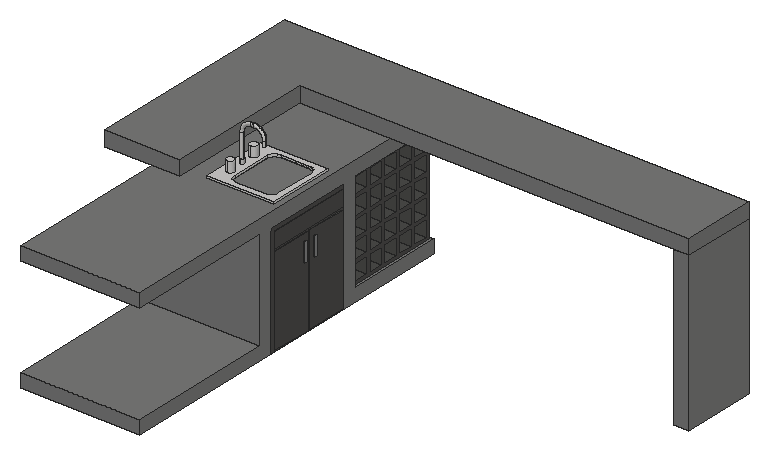
Revit family
Reference planes
  plane 1 "Center (Front/Back)": y = 0
  plane 2: z = 0
  plane 3 "Center (Left/Right)": x = 0
Forms (mm)
  Extrusion 1, solid, material "- concreto estampado pulido"
    sketch origin (726.812, 1880.078, 0) x (1, 0, 0) y (0, 1, 0)
      loop
        line (-2212.321, -11295.329) -> (-2212.321, -8835.329) -> (-3012.321, -8835.329) -> (-3012.321, -11295.329) -> (-2212.321, -11295.329)
    from 150 to 1000
  Extrusion 2, solid, material "- concreto estampado pulido"
    sketch origin (726.812, 1880.078, 0) x (1, 0, 0) y (0, 1, 0)
      loop
        line (-2362.321, -11035.329) -> (-2362.321, -8985.329) -> (-2862.321, -8985.329) -> (-2862.321, -11035.329) -> (-2362.321, -11035.329)
    from 150 to 50
  Extrusion 3, void
    sketch origin (-2285.509, -9455.251, -100) x (0, -1, 0) y (0, 0, -1)
      loop
        line (-1040, -1010) -> (-40, -1010) -> (-40, -340) -> (-1040, -340) -> (-1040, -1010)
    from -100 to 1025.777
  Extrusion 4, void
    sketch origin (-2325.509, -6955.251, -100) x (-1, 0, 0) y (0, 0, -1)
      loop
        line (-840, -1010) -> (-490, -1010) -> (-490, -340) -> (-840, -340) -> (-840, -1010)
    from 0 to 662.5
  Extrusion 5, solid, material "- madera negra"
    sketch origin (-1485.509, -18510.005, -8705.329) x (0, -1, 0) y (0, 0, -1)
      loop
        line (-11287.253, -9595.329) -> (-11287.253, -9485.329) -> (-11392.253, -9485.329) -> (-11392.253, -9595.329) -> (-11287.253, -9595.329)
      loop
        line (-11392.253, -9465.329) -> (-11287.253, -9465.329) -> (-11287.253, -9355.329) -> (-11392.253, -9355.329) -> (-11392.253, -9465.329)
      loop
        line (-11287.253, -9225.329) -> (-11392.253, -9225.329) -> (-11392.253, -9335.329) -> (-11287.253, -9335.329) -> (-11287.253, -9225.329)
      loop
        line (-11517.253, -9335.329) -> (-11412.253, -9335.329) -> (-11412.253, -9225.329) -> (-11517.253, -9225.329) -> (-11517.253, -9335.329)
      loop
        line (-11412.253, -9355.329) -> (-11517.253, -9355.329) -> (-11517.253, -9465.329) -> (-11412.253, -9465.329) -> (-11412.253, -9355.329)
      loop
        line (-11392.253, -9205.329) -> (-11287.253, -9205.329) -> (-11287.253, -9095.329) -> (-11392.253, -9095.329) -> (-11392.253, -9205.329)
      loop
        line (-11412.253, -9205.329) -> (-11412.253, -9095.329) -> (-11517.253, -9095.329) -> (-11517.253, -9205.329) -> (-11412.253, -9205.329)
      loop
        line (-11412.253, -9485.329) -> (-11517.253, -9485.329) -> (-11517.253, -9595.329) -> (-11412.253, -9595.329) -> (-11412.253, -9485.329)
      loop
        line (-11537.253, -9615.329) -> (-10892.253, -9615.329) -> (-10892.253, -8945.329) -> (-11537.253, -8945.329) -> (-11537.253, -9615.329)
      loop
        line (-11287.253, -8965.329) -> (-11392.253, -8965.329) -> (-11392.253, -9075.329) -> (-11287.253, -9075.329) -> (-11287.253, -8965.329)
      loop
        line (-11517.253, -9075.329) -> (-11412.253, -9075.329) -> (-11412.253, -8965.329) -> (-11517.253, -8965.329) -> (-11517.253, -9075.329)
      loop
        line (-11037.253, -9595.329) -> (-11037.253, -9485.329) -> (-11142.253, -9485.329) -> (-11142.253, -9595.329) -> (-11037.253, -9595.329)
      loop
        line (-11142.253, -9465.329) -> (-11037.253, -9465.329) -> (-11037.253, -9355.329) -> (-11142.253, -9355.329) -> (-11142.253, -9465.329)
      loop
        line (-11037.253, -9225.329) -> (-11142.253, -9225.329) -> (-11142.253, -9335.329) -> (-11037.253, -9335.329) -> (-11037.253, -9225.329)
      loop
        line (-11267.253, -9335.329) -> (-11162.253, -9335.329) -> (-11162.253, -9225.329) -> (-11267.253, -9225.329) -> (-11267.253, -9335.329)
      loop
        line (-11162.253, -9355.329) -> (-11267.253, -9355.329) -> (-11267.253, -9465.329) -> (-11162.253, -9465.329) -> (-11162.253, -9355.329)
      loop
        line (-11142.253, -9205.329) -> (-11037.253, -9205.329) -> (-11037.253, -9095.329) -> (-11142.253, -9095.329) -> (-11142.253, -9205.329)
      loop
        line (-11162.253, -9205.329) -> (-11162.253, -9095.329) -> (-11267.253, -9095.329) -> (-11267.253, -9205.329) -> (-11162.253, -9205.329)
      loop
        line (-11162.253, -9485.329) -> (-11267.253, -9485.329) -> (-11267.253, -9595.329) -> (-11162.253, -9595.329) -> (-11162.253, -9485.329)
      loop
        line (-11037.253, -8965.329) -> (-11142.253, -8965.329) -> (-11142.253, -9075.329) -> (-11037.253, -9075.329) -> (-11037.253, -8965.329)
      loop
        line (-11267.253, -9075.329) -> (-11162.253, -9075.329) -> (-11162.253, -8965.329) -> (-11267.253, -8965.329) -> (-11267.253, -9075.329)
      loop
        line (-10912.253, -9595.329) -> (-10912.253, -9485.329) -> (-11017.253, -9485.329) -> (-11017.253, -9595.329) -> (-10912.253, -9595.329)
      loop
        line (-11017.253, -9465.329) -> (-10912.253, -9465.329) -> (-10912.253, -9355.329) -> (-11017.253, -9355.329) -> (-11017.253, -9465.329)
      loop
        line (-10912.253, -9225.329) -> (-11017.253, -9225.329) -> (-11017.253, -9335.329) -> (-10912.253, -9335.329) -> (-10912.253, -9225.329)
      loop
        line (-11017.253, -9205.329) -> (-10912.253, -9205.329) -> (-10912.253, -9095.329) -> (-11017.253, -9095.329) -> (-11017.253, -9205.329)
      loop
        line (-10912.253, -8965.329) -> (-11017.253, -8965.329) -> (-11017.253, -9075.329) -> (-10912.253, -9075.329) -> (-10912.253, -8965.329)
    from -20 to -350
  Extrusion 6, solid, material "- acero inoxidable"
    sketch origin (726.812, 1880.078, 1000) x (1, 0, 0) y (0, 1, 0)
      loop
        line (-2387.321, -9030.329) -> (-2387.321, -9180.329) -> (-2362.321, -9180.329) -> (-2362.321, -9030.329) -> (-2387.321, -9030.329)
    from -950 to 100
  Extrusion 7, solid, material "- concreto estampado pulido"
    sketch origin (726.812, 1880.078, 1100) x (1, 0, 0) y (0, 1, 0)
      loop
        line (-3012.321, -8835.329) -> (-3212.321, -8835.329) -> (-3212.321, -10335.329) -> (-2712.321, -10335.329) -> (-2712.321, -9335.329) -> (-112.321, -9335.329) -> (-112.321, -8835.329) -> (-3012.321, -8835.329)
    from 100 to 0
  Extrusion 8, solid, material "- concreto estampado pulido"
    sketch origin (726.812, 1880.078, 1100) x (1, 0, 0) y (0, 1, 0)
      loop
        line (-112.321, -8835.329) -> (-212.321, -8835.329) -> (-212.321, -9335.329) -> (-112.321, -9335.329) -> (-112.321, -8835.329)
    from 0 to -1050
  Extrusion 9, void
    sketch origin (726.812, 2675.078, 1000) x (0, 1, 0) y (1, 0, 0)
      loop
        line (-10467.929, -2254.909) -> (-10917.929, -2254.909) -> (-10917.929, -2704.209) -> (-10467.929, -2704.209) -> (-10467.929, -2254.909)
    from 0 to 265.9
  Extrusion 10, solid, material "- acero inoxidable"
    sketch origin (251.812, 1880.078, 1000) x (1, 0, 0) y (0, 1, 0)
      loop
        line (-2387.321, -9030.329) -> (-2387.321, -9180.329) -> (-2362.321, -9180.329) -> (-2362.321, -9030.329) -> (-2387.321, -9030.329)
    from -950 to 100
Cuts and joins
  Extrusion 3, Extrusion 4 cuts Extrusion 1
Dimensions and locks
  aligned and locked: level to plane 2
Nested families
  nested 1: "Sink - Kitchen (11)" at (-1750.051, -8033.541, 100) x (0, 1, 0) z (0, 0, 1), type "450 x 450mm"
  nested 2: "Base (10)" at (-2035.509, -8037.927, 50) x (0, 1, 0) z (0, 0, 1), type "900mm"
    with Plinth Depth 150 mm, Plinth Height 100 mm
Definition of nested family "Sink - Kitchen (11)"
  Parameters (values of type "450 x 450mm")
    Counter Height = 900 mm
    Depth = 450 mm
    Fixture Material = Metal - Stainless Steel, Polished
    Sink Material = Metal - Stainless Steel, Polished
    Width = 450 mm
  Reference planes
    plane 1 "Center (Front/Back)": y = 2.345
    plane 2: z = 0
    plane 3 "Center (Left/Right)": x = 15.689
    plane 4: y = 227.345
    plane 5: y = -222.655
    plane 6: x = -209.311
    plane 7: x = 240.689
    plane 8 "Top Of Counter": z = 900
    plane 9: z = 912.7
    plane 10: z = 684.1
    plane 11: y = 113.045
    plane 12: x = -171.211
    plane 13: y = -184.555
    plane 14: x = 202.589
    plane 15: x = -85.911
    plane 16: x = 117.289
    plane 17: y = 170.195
    plane 18: y = 170.195
    plane 19: y = 170.195
    plane 20: z = 1163.525
    plane 21: y = 20.97
    plane 22: z = 976.2
    plane 23: z = 938.1
  Forms (mm)
    Extrusion 1, solid, material "Metal - Stainless Steel, Polished" <- "Sink Material"
      sketch origin (0, 0, 0) x (1, 0, 0) y (0, 1, 0)
        loop
          line (-209.311, 227.345) -> (-209.311, -222.655) -> (240.689, -222.655) -> (240.689, 227.345) -> (-209.311, 227.345)
        loop
          arc (-120.411, 113.045) -> (-156.332, 98.166) -> (-171.211, 62.245) r 50.8
          line (-171.211, 62.245) -> (-171.211, -133.755)
          arc (-171.211, -133.755) -> (-156.332, -169.676) -> (-120.411, -184.555) r 50.8
          line (-120.411, -184.555) -> (151.789, -184.555)
          arc (151.789, -184.555) -> (187.71, -169.676) -> (202.589, -133.755) r 50.8
          line (202.589, -133.755) -> (202.589, 62.245)
          arc (202.589, 62.245) -> (187.71, 98.166) -> (151.789, 113.045) r 50.8
          line (151.789, 113.045) -> (-120.411, 113.045)
      from 900 to 912.7
    Sweep 2, solid, material "Metal - Stainless Steel, Polished" <- "Sink Material"
      path origin (0, 0, 0) x (1, 0, 0) y (0, 1, 0)
        loop
          arc (-120.411, 113.045) -> (-156.332, 98.166) -> (-171.211, 62.245) r 50.8
          line (-171.211, 62.245) -> (-171.211, -133.755)
          arc (-171.211, -133.755) -> (-156.332, -169.676) -> (-120.411, -184.555) r 50.8
          line (-120.411, -184.555) -> (151.789, -184.555)
          arc (151.789, -184.555) -> (187.71, -169.676) -> (202.589, -133.755) r 50.8
          line (202.589, -133.755) -> (202.589, 62.245)
          arc (202.589, 62.245) -> (187.71, 98.166) -> (151.789, 113.045) r 50.8
          line (151.789, 113.045) -> (-120.411, 113.045)
      profile origin (15.689, 0, 0) x (0, 1, 0) y (0, 0, 1)
        loop
          line (113.045, 900) -> (96.511, 711.015)
          arc (96.511, 711.015) -> (90.404, 698.63) -> (77.534, 693.625) r 19.05
          line (77.534, 693.625) -> (74.945, 693.625) -> (74.945, 684.1) -> (119.395, 684.1) -> (119.395, 900) -> (113.045, 900)
    Extrusion 3, solid, material "Metal - Stainless Steel, Polished" <- "Sink Material"
      sketch origin (0, 0, 0) x (1, 0, 0) y (0, 1, 0)
        loop
          arc (-120.411, 74.945) -> (-129.391, 71.226) -> (-133.111, 62.245) r 12.7
          line (-133.111, 62.245) -> (-133.111, -133.755)
          arc (-133.111, -133.755) -> (-129.391, -142.735) -> (-120.411, -146.455) r 12.7
          line (-120.411, -146.455) -> (151.789, -146.455)
          arc (151.789, -146.455) -> (160.769, -142.735) -> (164.489, -133.755) r 12.7
          line (164.489, -133.755) -> (164.489, 62.245)
          arc (164.489, 62.245) -> (160.769, 71.226) -> (151.789, 74.945) r 12.7
          line (151.789, 74.945) -> (-120.411, 74.945)
        loop
          circle (15.689, 0) r 25.4
      from 684.1 to 693.625
    Extrusion 4, solid, material "Metal - Stainless Steel, Polished" <- "Fixture Material"
      sketch origin (0, 0, 0) x (1, 0, 0) y (0, 1, 0)
        loop
          circle (-85.911, 167.117) r 25.4
        loop
          circle (117.289, 172.313) r 25.4
      from 912.7 to 976.2
    Sweep 5, solid, material "Metal - Stainless Steel, Polished" <- "Fixture Material"
      path origin (15.689, 0, 0) x (0, 1, 0) y (0, 0, 1)
        loop
          line (170.195, 912.7) -> (170.195, 1100.025)
          arc (170.195, 1100.025) -> (151.597, 1144.926) -> (106.695, 1163.525) r 63.5
          line (106.695, 1163.525) -> (84.47, 1163.525)
          arc (84.47, 1163.525) -> (39.569, 1144.926) -> (20.97, 1100.025) r 63.5
          line (20.97, 1100.025) -> (20.97, 1065.1)
      profile origin (15.689, 0, 1006.363) x (0, -1, 0) y (1, 0, 0)
        loop
          circle (-170.195, 0) r 9.525
    Extrusion 6, solid, material "Metal - Stainless Steel, Polished" <- "Fixture Material"
      sketch origin (0, 0, 0) x (1, 0, 0) y (0, 1, 0)
        loop
          circle (15.689, 170.195) r 12.7
      from 912.7 to 938.1
  Cuts and joins
    joined: Sweep 5, Extrusion 6
    joined: Sweep 2, Extrusion 3
  Lines and regions (mm)
    Masking region 1
      outline origin (0, 0, 900) x (0, -1, 0) y (1, 0, 0)
        loop
          line (-227.345, -209.311) -> (222.655, -209.311) -> (222.655, 240.689) -> (-227.345, 240.689) -> (-227.345, -209.311)
    symbolic lines
      curve 1: line (240.689, 227.345, 0) -> (-209.311, 227.345, 0)
      curve 2: line (240.689, -222.655, 0) -> (240.689, 227.345, 0)
      curve 3: line (-209.311, -222.655, 0) -> (240.689, -222.655, 0)
      curve 4: line (-209.311, 227.345, 0) -> (-209.311, -222.655, 0)
      curve 5: arc (41.089, 0, 0) -> (15.689, 25.4, 0) -> (-9.711, 0, 0) r 25.4
      curve 6: arc (-9.711, 0, 0) -> (15.689, -25.4, 0) -> (41.089, 0, 0) r 25.4
      curve 7: line (-171.211, 62.245, 0) -> (-171.211, -133.755, 0)
      curve 8: line (-120.411, -184.555, 0) -> (151.789, -184.555, 0)
      curve 9: line (202.589, -133.755, 0) -> (202.589, 62.245, 0)
      curve 10: line (151.789, 113.045, 0) -> (28.389, 113.045, 0)
      curve 11: arc (202.589, 62.245, 0) -> (187.71, 98.166, 0) -> (151.789, 113.045, 0) r 50.8
      curve 12: arc (151.789, -184.555, 0) -> (187.71, -169.676, 0) -> (202.589, -133.755, 0) r 50.8
      curve 13: arc (-171.211, -133.755, 0) -> (-156.332, -169.676, 0) -> (-120.411, -184.555, 0) r 50.8
      curve 14: arc (-120.411, 113.045, 0) -> (-156.332, 98.166, 0) -> (-171.211, 62.245, 0) r 50.8
      curve 15: arc (-60.511, 167.117, 0) -> (-85.911, 192.517, 0) -> (-111.311, 167.117, 0) r 25.4
      curve 16: arc (142.689, 172.313, 0) -> (117.289, 197.713, 0) -> (91.889, 172.313, 0) r 25.4
      curve 17: arc (-111.311, 167.117, 0) -> (-85.911, 141.717, 0) -> (-60.511, 167.117, 0) r 25.4
      curve 18: arc (91.889, 172.313, 0) -> (117.289, 146.913, 0) -> (142.689, 172.313, 0) r 25.4
      curve 19: arc (28.389, 170.195, 0) -> (15.689, 182.895, 0) -> (2.989, 170.195, 0) r 12.7
      curve 20: line (2.989, 170.195, 0) -> (2.989, 53.145, 0)
      curve 21: line (28.389, 170.195, 0) -> (28.389, 53.145, 0)
      curve 22: arc (28.389, 53.145, 0) -> (15.689, 40.445, 0) -> (2.989, 53.145, 0) r 12.7
      curve 23: line (2.989, 113.045, 0) -> (-120.411, 113.045, 0)
  Dimensions and locks
    equal spacing: plane 6, plane 3 "Center (Left/Right)", plane 7
    "Width": plane 6 to plane 7
    equal spacing: plane 5, plane 1 "Center (Front/Back)", plane 4
    "Depth": plane 5 to plane 4
    "Counter Height": plane 8 "Top Of Counter" to plane 2
    locked: plane 9 to plane 8 "Top Of Counter" at 12.7
    locked: plane 8 "Top Of Counter" to plane 10 at 215.9
    locked: plane 6 to plane 12 at 38.1
    locked: plane 14 to plane 7 at 38.1
    locked: plane 11 to plane 4 at 114.3
    locked: plane 5 to plane 13 at 38.1
    equal spacing: plane 11, plane 17, plane 4
    equal spacing: plane 11, plane 18, plane 4
    equal spacing: plane 4, plane 19, plane 11
    locked: plane 19 to plane 21 at 149.225
    locked: plane 20 to plane 9 at 250.825
    locked: plane 22 to plane 9 at 63.5
    locked: plane 23 to plane 9 at 25.4
    aligned and locked: Extrusion 1 sketch curve to plane 5
    aligned and locked: plane 7 to Extrusion 1 sketch curve
    aligned and locked: plane 4 to Extrusion 1 sketch curve
    aligned and locked: Extrusion 1 sketch curve to plane 6
    aligned and locked: plane 8 "Top Of Counter" to Extrusion 1
    aligned and locked: Extrusion 1 to plane 9
    aligned and locked: plane 11 to Extrusion 1 sketch curve
    aligned and locked: plane 14 to Extrusion 1 sketch curve
    aligned and locked: Extrusion 1 sketch curve to plane 12
    aligned and locked: Extrusion 1 sketch curve to plane 13
    aligned and locked: plane 11 to Sweep 2 sketch curve
    aligned and locked: plane 14 to Sweep 2 sketch curve
    aligned and locked: Sweep 2 sketch curve to plane 12
    aligned and locked: Sweep 2 sketch curve to plane 13
    aligned and locked: Sweep 2 to Extrusion 3 sketch curve  (x4)
    aligned and locked: Sweep 2 to Extrusion 3
    aligned and locked: plane 10 to Extrusion 3
    aligned and locked: Sweep 2 sketch curve to plane 10
    aligned and locked: plane 8 "Top Of Counter" to Sweep 2 sketch curve
    aligned and locked: Extrusion 4 to Extrusion 1
    aligned and locked: Extrusion 6 to Extrusion 1
    aligned and locked: Sweep 5 sketch curve to plane 19
    aligned and locked: plane 20 to Sweep 5 sketch curve
    aligned and locked: plane 21 to Sweep 5 sketch curve
    aligned and locked: Extrusion 4 to plane 22
    aligned and locked: Extrusion 6 to plane 23
  Automatic sketch dimensions
    Sweep 2 sketch curve to plane 12 = 50.8 mm
    Sweep 2 sketch curve to Sweep 2 sketch curve = 50.8 mm
    plane 11 to Sweep 2 sketch curve = 50.8 mm
    plane 14 to Sweep 2 sketch curve = 50.8 mm
    Extrusion 1 sketch curve to plane 12 = 50.8 mm  (x2)
    plane 14 to Extrusion 1 sketch curve = 50.8 mm  (x2)
    Extrusion 3 sketch curve to plane 3 "Center (Left/Right)" = 0 mm
    Extrusion 3 sketch curve to Extrusion 3 sketch curve = 12.7 mm  (x4)
    plane 1 "Center (Front/Back)" to Extrusion 3 sketch curve = 2.345 mm
    Extrusion 3 sketch curve to plane 3 "Center (Left/Right)" = 25.4 mm
    Sweep 2 sketch curve to profile plane = 0 mm
    profile plane to Sweep 2 sketch curve = 16.534 mm
    Sweep 2 sketch curve to Sweep 2 sketch curve = 18.978 mm
    Sweep 2 sketch curve to Sweep 2 sketch curve = 2.588 mm
    Sweep 2 sketch curve to profile plane = 6.35 mm
    Sweep 2 sketch curve to Sweep 2 sketch curve = 9.525 mm
    Sweep 2 sketch curve to Sweep 2 sketch curve = 17.39 mm
    Extrusion 4 sketch curve to plane 15 = 0 mm
    Extrusion 4 sketch curve to plane 16 = 0 mm
    plane 17 to Extrusion 4 sketch curve = 3.079 mm
    plane 15 to Extrusion 4 sketch curve = 25.4 mm
    Extrusion 4 sketch curve to plane 17 = 2.118 mm
    plane 16 to Extrusion 4 sketch curve = 25.4 mm
    Sweep 5 sketch curve to plane 3 "Center (Left/Right)" = 0 mm
    Sweep 5 sketch curve to profile plane = 0 mm
    profile plane to Sweep 5 sketch curve = 9.525 mm
    Extrusion 6 sketch curve to plane 18 = 0 mm
    Extrusion 6 sketch curve to plane 3 "Center (Left/Right)" = 0 mm
    Extrusion 6 sketch curve to plane 3 "Center (Left/Right)" = 12.7 mm
    Sweep 5 sketch curve to plane 9 = 0 mm
    Sweep 5 sketch curve to Sweep 5 sketch curve = 63.5 mm
    plane 11 to Sweep 5 sketch curve = 6.35 mm
    Sweep 5 sketch curve to Sweep 5 sketch curve = 34.925 mm
    curve 1 to plane 4 = 0 mm
    curve 1 to plane 6 = 0 mm
    curve 7 to plane 12 = 0 mm
    curve 14 to plane 11 = 0 mm
    curve 8 to plane 13 = 0 mm
    curve 5 to plane 3 "Center (Left/Right)" = 0 mm
    curve 19 to plane 3 "Center (Left/Right)" = 0 mm
    curve 12 to plane 14 = 0 mm
    curve 1 to plane 7 = 0 mm
    curve 3 to plane 5 = 0 mm
    curve 7 to curve 13 = 50.8 mm
    curve 14 to plane 12 = 50.8 mm
    curve 15 to plane 3 "Center (Left/Right)" = 127 mm
    curve 15 to curve 17 = 25.4 mm
    plane 1 "Center (Front/Back)" to curve 5 = 2.345 mm
    curve 5 to plane 3 "Center (Left/Right)" = 25.4 mm
    curve 19 to curve 19 = 12.7 mm
    curve 19 to curve 18 = 63.5 mm
    curve 16 to curve 16 = 25.4 mm
    plane 14 to curve 12 = 50.8 mm
    plane 14 to curve 10 = 50.8 mm
    curve 22 to plane 1 "Center (Front/Back)" = 50.8 mm
    plane 4 to curve 17 = 60.229 mm
    plane 4 to curve 21 = 57.15 mm
    plane 4 to curve 16 = 55.032 mm
    curve 10 to plane 11 = 0 mm
    Masking region 1 sketch curve to plane 4 = 0 mm
    Masking region 1 sketch curve to plane 5 = 0 mm
    Masking region 1 sketch curve to plane 6 = 0 mm
    Masking region 1 sketch curve to plane 7 = 0 mm
Definition of nested family "Base (10)"
  Parameters (values of type "900mm")
    Keynote = "N10"
    Material Cabinet = Cabinets
    Depth = 600 mm
    Material Door/Drawer = Cabinets
    Material Handle = Cabinets - Handles
    Height = 860 mm
    Plinth Depth = 35 mm
    Plinth Height = 160 mm
    Width = 900 mm
  Types (4, lengths in mm): name | Width
    (no name) | 900
    1000mm | 1000
    900mm | 900
    1200mm | 1200
  Reference planes
    plane 1 "Back": y = 0
    plane 2: z = 0
    plane 3 "Center": x = 18.738
    plane 4 "Left": x = -431.262
    plane 5 "Right": x = 468.738
    plane 6 "Front": y = -600
    plane 7 "Top": z = 860
    plane 8: y = -565
    plane 9: z = 160
    plane 10: z = 840.95
    plane 11: z = 179.05
    plane 12: x = -412.212
    plane 13: x = 449.688
    plane 14: z = 739.35
    plane 15: z = 720.3
    plane 16: z = 682.2
    plane 17: z = 580.6
    plane 18: x = -16.187
    plane 19: x = -28.887
    plane 20: x = 9.213
    plane 21: x = 28.263
    plane 22: x = 53.663
    plane 23: x = 66.363
    plane 24: z = 449.675
  Forms (mm)
    Extrusion 1, solid, material "Cabinets" <- "Material Cabinet"
      sketch origin (0, 0, 0) x (1, 0, 0) y (0, 1, 0)
        loop
          line (-431.262, 0) -> (-431.262, -565) -> (468.738, -565) -> (468.738, 0) -> (-431.262, 0)
      from 0 to 160
    Sweep 2, solid, material "Cabinets" <- "Material Cabinet"
      path origin (0, 0, 0) x (1, 0, 0) y (0, 1, 0)
        loop
          line (468.738, 0) -> (-431.262, 0) -> (-431.262, -600) -> (468.738, -600) -> (468.738, 0)
      profile origin (0, -300, 0) x (1, 0, 0) y (0, 0, 1)
        loop
          line (468.738, 160) -> (468.738, 860) -> (449.688, 860) -> (449.688, 160) -> (468.738, 160)
    Extrusion 3, solid, material "Cabinets" <- "Material Cabinet"
      sketch origin (0, 0, 0) x (1, 0, 0) y (0, 1, 0)
        loop
          line (-412.212, -19.05) -> (-412.212, -580.95) -> (449.688, -580.95) -> (449.688, -19.05) -> (-412.212, -19.05)
      from 179.05 to 160
    Extrusion 4, solid, material "Cabinets" <- "Material Door/Drawer"
      sketch origin (0, -600, 0) x (1, 0, 0) y (0, 0, 1)
        loop
          line (-412.212, 720.3) -> (-412.212, 179.05) -> (9.213, 179.05) -> (9.213, 720.3) -> (-412.212, 720.3)
        loop
          line (28.263, 720.3) -> (28.263, 179.05) -> (449.688, 179.05) -> (449.688, 720.3) -> (28.263, 720.3)
        loop
          line (-412.212, 840.95) -> (-412.212, 739.35) -> (449.688, 739.35) -> (449.688, 840.95) -> (-412.212, 840.95)
      from 0 to 12.7
    Extrusion 5, solid, material "Cabinets - Handles" <- "Material Handle"
      sketch origin (0, -600, 0) x (1, 0, 0) y (0, 0, 1)
        loop
          line (-28.887, 682.2) -> (-28.887, 557.47) -> (-16.187, 557.47) -> (-16.187, 682.2) -> (-28.887, 682.2)
        loop
          line (53.663, 682.2) -> (53.663, 557.47) -> (66.363, 557.47) -> (66.363, 682.2) -> (53.663, 682.2)
      from 12.7 to 25.4
  Lines and regions (mm)
    Masking region 1
      outline origin (0, 0, 0) x (1, 0, 0) y (0, 1, 0)
        loop
          line (-431.262, 0) -> (-431.262, -600) -> (468.738, -600) -> (468.738, 0) -> (-431.262, 0)
    symbolic lines, style "Plan Rep - Below"
      curve 1: line (468.738, -600, 0) -> (-431.262, -600, 0)
      curve 2: line (468.738, 0, 0) -> (468.738, -600, 0)
      curve 3: line (-431.262, 0, 0) -> (468.738, 0, 0)
      curve 4: line (-431.262, -600, 0) -> (-431.262, 0, 0)
    model lines
      curve 5: line (449.688, -600, 739.35) -> (-412.212, -600, 739.35)
      curve 6: line (449.688, -600, 840.95) -> (449.688, -600, 739.35)
      curve 7: line (-412.212, -600, 840.95) -> (449.688, -600, 840.95)
      curve 8: line (-412.212, -600, 739.35) -> (-412.212, -600, 840.95)
      curve 9: line (449.688, -600, 179.05) -> (28.263, -600, 179.05)
      curve 10: line (449.688, -600, 720.3) -> (449.688, -600, 179.05)
      curve 11: line (-412.212, -600, 720.3) -> (9.213, -600, 720.3)
      curve 12: line (-412.212, -600, 179.05) -> (-412.212, -600, 720.3)
      curve 13: line (-28.887, -600, 682.2) -> (-16.187, -600, 682.2)
      curve 14: line (-28.887, -600, 580.6) -> (-28.887, -600, 682.2)
      curve 15: line (-16.187, -600, 580.6) -> (-28.887, -600, 580.6)
      curve 16: line (-16.187, -600, 682.2) -> (-16.187, -600, 580.6)
      curve 17: line (28.263, -600, 179.05) -> (28.263, -600, 720.3)
      curve 18: line (9.213, -600, 179.05) -> (9.213, -600, 720.3)
      curve 19: line (66.363, -600, 682.2) -> (53.663, -600, 682.2)
      curve 20: line (66.363, -600, 580.6) -> (66.363, -600, 682.2)
      curve 21: line (53.663, -600, 580.6) -> (66.363, -600, 580.6)
      curve 22: line (53.663, -600, 682.2) -> (53.663, -600, 580.6)
      curve 23: line (28.263, -600, 720.3) -> (449.688, -600, 720.3)
      curve 24: line (9.213, -600, 179.05) -> (-412.212, -600, 179.05)
    symbolic lines, style "Elevation Swing"
      curve 25: line (9.213, 0, 720.3) -> (-412.212, 0, 449.675)
      curve 26: line (-412.212, 0, 449.675) -> (9.213, 0, 179.05)
      curve 27: line (28.263, 0, 179.05) -> (449.688, 0, 449.675)
      curve 28: line (449.688, 0, 449.675) -> (28.263, 0, 720.3)
  Dimensions and locks
    "Depth": plane 6 "Front" to plane 1 "Back"
    "Width": plane 4 "Left" to plane 5 "Right"
    equal spacing: plane 4 "Left", plane 3 "Center", plane 5 "Right"
    "Height": level to plane 7 "Top"
    "Plinth Height": plane 2 to plane 9
    "Plinth Depth": plane 6 "Front" to plane 8
    locked: plane 4 "Left" to plane 12 at 19.05
    locked: plane 13 to plane 5 "Right" at 19.05
    locked: plane 7 "Top" to plane 10 at 19.05
    locked: plane 11 to plane 9 at 19.05
    plane 10 to plane 14 to plane 15 = 101.6 mm locked, 19.05 mm locked
    plane 15 to plane 16 to plane 17 = 38.1 mm locked, 101.6 mm locked
    plane 21 to plane 3 "Center" to plane 20 = 9.525 mm locked, 9.525 mm locked
    plane 20 to plane 18 to plane 19 = 25.4 mm locked, 12.7 mm locked
    plane 21 to plane 22 to plane 23 = 25.4 mm locked, 12.7 mm locked
    equal spacing: plane 15, plane 24, plane 11
    aligned and locked: plane 1 "Back" to Extrusion 1 sketch curve
    aligned and locked: Extrusion 1 sketch curve to plane 5 "Right"
    aligned and locked: Extrusion 1 sketch curve to plane 8
    aligned and locked: plane 4 "Left" to Extrusion 1 sketch curve
    aligned and locked: Extrusion 1 to level
    aligned and locked: Sweep 2 sketch curve to plane 6 "Front"
    aligned and locked: plane 1 "Back" to Sweep 2 sketch curve
    aligned and locked: Sweep 2 sketch curve to plane 5 "Right"  (x2)
    aligned and locked: plane 4 "Left" to Sweep 2 sketch curve
    aligned and locked: plane 7 "Top" to Sweep 2 sketch curve
    aligned and locked: plane 9 to Sweep 2 sketch curve
    aligned and locked: Sweep 2 to Extrusion 3 sketch curve  (x2)
    aligned and locked: Extrusion 3 sketch curve to Sweep 2  (x2)
    aligned and locked: Extrusion 3 to plane 11
    aligned and locked: Extrusion 3 to plane 9
    aligned and locked: plane 9 to Extrusion 1
    aligned: Sweep 2 to Masking region 1 sketch curve
    aligned: Masking region 1 sketch curve to Extrusion 1
    aligned: Masking region 1 sketch curve to Sweep 2  (x2)
  Automatic sketch dimensions
    profile plane to Sweep 2 sketch curve = 19.05 mm
    curve 1 to plane 4 "Left" = 0 mm
    curve 3 to plane 1 "Back" = 0 mm
    curve 3 to plane 5 "Right" = 0 mm
    curve 1 to plane 6 "Front" = 0 mm
    Extrusion 4 sketch curve to plane 11 = 0 mm  (x2)
    Extrusion 4 sketch curve to plane 12 = 0 mm  (x2)
    Extrusion 4 sketch curve to plane 15 = 0 mm  (x2)
    Extrusion 4 sketch curve to plane 20 = 0 mm
    Extrusion 4 sketch curve to plane 21 = 0 mm
    Extrusion 4 sketch curve to plane 10 = 0 mm
    Extrusion 4 sketch curve to plane 13 = 0 mm  (x2)
    Extrusion 4 sketch curve to plane 14 = 0 mm
    Extrusion 5 sketch curve to plane 19 = 0 mm
    Extrusion 5 sketch curve to plane 18 = 0 mm
    Extrusion 5 sketch curve to plane 16 = 0 mm  (x2)
    Extrusion 5 sketch curve to plane 22 = 0 mm
    Extrusion 5 sketch curve to plane 23 = 0 mm
    plane 17 to Extrusion 5 sketch curve = 23.13 mm  (x2)
    curve 5 to plane 13 = 0 mm
    curve 28 to plane 13 = 0 mm
    curve 23 to plane 13 = 0 mm
    curve 20 to plane 17 = 0 mm
    curve 20 to plane 23 = 0 mm
    curve 21 to plane 22 = 0 mm
    curve 9 to plane 11 = 0 mm
    curve 9 to plane 21 = 0 mm
    curve 27 to plane 11 = 0 mm
    curve 27 to plane 21 = 0 mm
    curve 28 to plane 15 = 0 mm
    curve 28 to plane 21 = 0 mm
    curve 11 to plane 15 = 0 mm
    curve 11 to plane 20 = 0 mm
    curve 26 to plane 11 = 0 mm
    curve 26 to plane 20 = 0 mm
    curve 25 to plane 15 = 0 mm
    curve 25 to plane 20 = 0 mm
    curve 13 to plane 16 = 0 mm
    curve 13 to plane 18 = 0 mm
    curve 15 to plane 17 = 0 mm
    curve 15 to plane 19 = 0 mm
    curve 12 to plane 11 = 0 mm
    curve 12 to plane 12 = 0 mm
    curve 8 to plane 10 = 0 mm
    curve 8 to plane 12 = 0 mm
    curve 25 to plane 12 = 0 mm
    curve 6 to plane 14 = 0 mm
    curve 23 to plane 15 = 0 mm
    curve 19 to plane 16 = 0 mm
    curve 25 to plane 24 = 0 mm
    curve 27 to plane 24 = 0 mm
    Masking region 1 sketch curve to plane 4 "Left" = 0 mm
    Masking region 1 sketch curve to plane 5 "Right" = 0 mm
    Masking region 1 sketch curve to plane 6 "Front" = 0 mm
    Masking region 1 sketch curve to plane 1 "Back" = 0 mm
